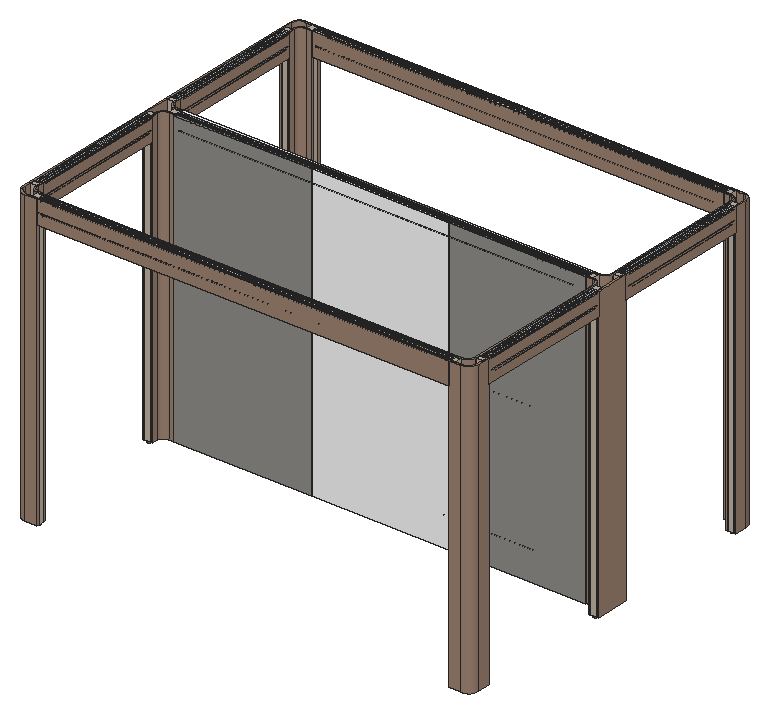
Revit family "T100219", category Furniture, Revit 2018 (continued)
Definition of nested family "OFS OBEYA FULL WALL RAIL KITS"
  Automatic sketch dimensions
    Extrusion 1 sketch curve to Extrusion 1 sketch curve = 0' - 0.75615"
    Extrusion 1 sketch curve to Extrusion 1 sketch curve = 0' - 0.13701"
    Extrusion 1 sketch curve to Extrusion 1 sketch curve = 0' - 0.2268"
    Extrusion 1 sketch curve to Extrusion 1 sketch curve = 0' - 0.68282"  (x2)
    Extrusion 2 sketch curve to Extrusion 2 sketch curve = 0' - 0"  (x42)
    Extrusion 2 sketch curve to plane 9 = 0' - 0"  (x4)
    Extrusion 2 sketch curve to plane 14 = 0' - 0"  (x2)
    Extrusion 2 sketch curve to plane 8 = 0' - 0"  (x2)
    Extrusion 2 sketch curve to plane 7 = 0' - 0"  (x4)
    Extrusion 2 sketch curve to plane 10 = 0' - 0"  (x2)
    Extrusion 2 sketch curve to plane 1 "Center Front/Back" = 0' - 0"  (x4)
    Extrusion 2 sketch curve to plane 13 = 0' - 0"  (x2)
    plane 14 to Extrusion 2 sketch curve = 0' - 0.09843"  (x6)
    Extrusion 2 sketch curve to Extrusion 2 sketch curve = 0' - 0.30315"  (x4)
    Extrusion 2 sketch curve to Extrusion 2 sketch curve = 0' - 0.09843"  (x8)
    Extrusion 2 sketch curve to Extrusion 2 sketch curve = 0' - 0.10187"  (x4)
    Extrusion 2 sketch curve to Extrusion 2 sketch curve = 0' - 0.10882"  (x3)
    Extrusion 2 sketch curve to Extrusion 2 sketch curve = 0' - 0.00386"  (x4)
    Extrusion 2 sketch curve to Extrusion 2 sketch curve = 0' - 0.173"  (x3)
    plane 1 "Center Front/Back" to Extrusion 2 sketch curve = 0' - 0.202"  (x2)
    plane 1 "Center Front/Back" to Extrusion 2 sketch curve = 0' - 0.13399"  (x4)
    plane 1 "Center Front/Back" to Extrusion 2 sketch curve = 0' - 0.06111"  (x4)
    Extrusion 2 sketch curve to plane 1 "Center Front/Back" = 0' - 0.06111"  (x4)
    Extrusion 2 sketch curve to plane 1 "Center Front/Back" = 0' - 0.13399"  (x4)
    Extrusion 2 sketch curve to plane 9 = 0' - 0.09221"  (x2)
    Extrusion 2 sketch curve to plane 1 "Center Front/Back" = 0' - 0.202"  (x4)
    Extrusion 2 sketch curve to plane 7 = 0' - 0.09221"  (x2)
    Extrusion 2 sketch curve to Extrusion 2 sketch curve = 0' - 0.20121"  (x2)
    Extrusion 2 sketch curve to Extrusion 2 sketch curve = 0' - 0.21201"  (x2)
    plane 13 to Extrusion 2 sketch curve = 0' - 0.09843"  (x6)
    Extrusion 2 sketch curve to Extrusion 2 sketch curve = 0' - 0.10465"  (x4)
    Extrusion 2 sketch curve to Extrusion 2 sketch curve = 0' - 0.47299"  (x3)
    Extrusion 2 sketch curve to Extrusion 2 sketch curve = 0' - 0.06149"  (x2)
    Extrusion 2 sketch curve to Extrusion 2 sketch curve = 0' - 0.1378"  (x8)
    Extrusion 2 sketch curve to Extrusion 2 sketch curve = 0' - 0.11184"  (x4)
    Extrusion 2 sketch curve to plane 9 = 0' - 0.91283"
    Extrusion 2 sketch curve to Extrusion 2 sketch curve = 0' - 0.12251"  (x2)
    Extrusion 2 sketch curve to Extrusion 2 sketch curve = 0' - 0.1285"  (x4)
    Extrusion 2 sketch curve to plane 9 = 0' - 0.09843"  (x2)
    plane 8 to Extrusion 2 sketch curve = 0' - 0.10465"
    Extrusion 2 sketch curve to plane 7 = 0' - 0.91283"
    Extrusion 2 sketch curve to plane 7 = 0' - 0.09843"  (x2)
    Extrusion 3 sketch curve to plane 11 = 0' - 0"
    plane 12 to Extrusion 3 sketch curve = 0' - 0"
    plane 11 to Extrusion 3 sketch curve = 0' - 0 1/2"  (x2)
    plane 12 to Extrusion 3 sketch curve = 0' - 0 1/2"  (x2)
    Extrusion 3 sketch curve to plane 5 = 0' - 4.98113"
    Extrusion 3 sketch curve to Extrusion 3 sketch curve = 0' - 1.73408"
    plane 15 to Extrusion 4 sketch curve = 0' - 0"
    plane 16 to Extrusion 4 sketch curve = 0' - 0"
    Extrusion 4 sketch curve to plane 15 = 0' - 0 1/8"
    Extrusion 4 sketch curve to Extrusion 4 sketch curve = 0' - 0 1/8"
    plane 16 to Extrusion 4 sketch curve = 0' - 0 1/8"  (x2)
    Extrusion 4 sketch curve to plane 5 = 0' - 2.45518"
    Extrusion 4 sketch curve to plane 5 = 0' - 0.45341"
    Extrusion 5 sketch curve to plane 17 = 0' - 0"
    Extrusion 5 sketch curve to plane 18 = 0' - 0"
    plane 17 to Extrusion 5 sketch curve = 0' - 0 1/8"  (x2)
    Extrusion 5 sketch curve to plane 18 = 0' - 0 1/8"
    Extrusion 5 sketch curve to Extrusion 5 sketch curve = 0' - 0 1/8"
    plane 5 to Extrusion 5 sketch curve = 0' - 2.45518"
    plane 5 to Extrusion 5 sketch curve = 0' - 0.45341"
    Extrusion 6 sketch curve to plane 14 = 0' - 0"  (x6)
    Extrusion 6 sketch curve to plane 1 "Center Front/Back" = 0' - 0"  (x8)
    Extrusion 6 sketch curve to plane 13 = 0' - 0"  (x2)
    plane 14 to Extrusion 6 sketch curve = 0' - 0 1/8"  (x3)
    Extrusion 6 sketch curve to Extrusion 6 sketch curve = 0' - 0 1/8"  (x2)
    plane 1 "Center Front/Back" to Extrusion 6 sketch curve = 0' - 0.08027"  (x3)
    Extrusion 6 sketch curve to Extrusion 6 sketch curve = 0' - 0.08027"
    plane 13 to Extrusion 6 sketch curve = 0' - 0 1/8"  (x3)
    Extrusion 6 sketch curve to plane 10 = 0' - 1 1/4"
    Extrusion 6 sketch curve to Extrusion 6 sketch curve = 0' - 0.19581"  (x2)
    Extrusion 6 sketch curve to plane 10 = 0' - 0 9/16"
    Extrusion 6 sketch curve to Extrusion 6 sketch curve = 0' - 0.36669"  (x4)
    Extrusion 6 sketch curve to Extrusion 6 sketch curve = 0' - 0.16892"  (x4)
    Extrusion 6 sketch curve to Extrusion 6 sketch curve = 0' - 0.06338"  (x4)
    plane 10 to Extrusion 6 sketch curve = 0' - 0.63913"
    Extrusion 6 sketch curve to plane 9 = 0' - 0.65252"
    plane 9 to Extrusion 6 sketch curve = 0' - 0.13331"
    plane 9 to Extrusion 6 sketch curve = 0' - 0 1/2"
    Extrusion 6 sketch curve to Extrusion 6 sketch curve = 0' - 0.39269"  (x2)
    Extrusion 6 sketch curve to plane 8 = 0' - 1 1/4"
    Extrusion 6 sketch curve to plane 8 = 0' - 0 9/16"
    plane 8 to Extrusion 6 sketch curve = 0' - 0.63913"
    Extrusion 6 sketch curve to plane 7 = 0' - 0.65252"
    plane 7 to Extrusion 6 sketch curve = 0' - 0.13331"
    plane 7 to Extrusion 6 sketch curve = 0' - 0 1/2"
    Extrusion 7 sketch curve to plane 14 = 0' - 0"  (x6)
    Extrusion 7 sketch curve to plane 1 "Center Front/Back" = 0' - 0"  (x8)
    Extrusion 7 sketch curve to plane 13 = 0' - 0"  (x2)
    plane 14 to Extrusion 7 sketch curve = 0' - 0 1/8"  (x3)
    Extrusion 7 sketch curve to Extrusion 7 sketch curve = 0' - 0 1/8"  (x2)
    plane 1 "Center Front/Back" to Extrusion 7 sketch curve = 0' - 0.08027"  (x3)
    Extrusion 7 sketch curve to Extrusion 7 sketch curve = 0' - 0.08027"
    plane 13 to Extrusion 7 sketch curve = 0' - 0 1/8"  (x3)
    plane 7 to Extrusion 7 sketch curve = 0' - 1 1/4"
    plane 7 to Extrusion 7 sketch curve = 0' - 0.73231"
    Extrusion 7 sketch curve to Extrusion 7 sketch curve = 0' - 0.06338"  (x4)
    Extrusion 7 sketch curve to Extrusion 7 sketch curve = 0' - 0.23231"  (x4)
    plane 7 to Extrusion 7 sketch curve = 0' - 0 1/2"
    plane 7 to Extrusion 7 sketch curve = 0' - 0.13331"
    Extrusion 7 sketch curve to plane 7 = 0' - 0.65252"
    plane 8 to Extrusion 7 sketch curve = 0' - 0.63913"
    Extrusion 7 sketch curve to plane 8 = 0' - 0.33019"
    Extrusion 7 sketch curve to plane 8 = 0' - 0 9/16"
    Extrusion 7 sketch curve to Extrusion 7 sketch curve = 0' - 0.36669"  (x2)
    Extrusion 7 sketch curve to Extrusion 7 sketch curve = 0' - 0.19581"  (x2)
    plane 9 to Extrusion 7 sketch curve = 0' - 1 1/4"
    plane 9 to Extrusion 7 sketch curve = 0' - 0.73231"
    plane 9 to Extrusion 7 sketch curve = 0' - 0 1/2"
    plane 9 to Extrusion 7 sketch curve = 0' - 0.13331"
    Extrusion 7 sketch curve to plane 9 = 0' - 0.65252"
    plane 10 to Extrusion 7 sketch curve = 0' - 0.63913"
    Extrusion 7 sketch curve to plane 10 = 0' - 0.33019"
    Extrusion 7 sketch curve to plane 10 = 0' - 0 9/16"
    plane 14 to Extrusion 8 sketch curve = 0' - 0.28787"
    Extrusion 8 sketch curve to plane 21 = 0' - 0 1/2"
    Extrusion 8 sketch curve to plane 1 "Center Front/Back" = 0' - 0.08713"  (x2)
    Extrusion 8 sketch curve to Extrusion 8 sketch curve = 0' - 0"
    plane 22 to Extrusion 8 sketch curve = 0' - 0 1/2"
    Extrusion 9 sketch curve to plane 23 = 0' - 0"
    Extrusion 9 sketch curve to plane 24 = 0' - 0"
    Extrusion 9 sketch curve to plane 14 = 0' - 0.28787"
    plane 23 to Extrusion 9 sketch curve = 0' - 0 1/2"
    plane 1 "Center Front/Back" to Extrusion 9 sketch curve = 0' - 0.08713"  (x2)
    Extrusion 9 sketch curve to Extrusion 9 sketch curve = 0' - 0"
    Extrusion 9 sketch curve to plane 24 = 0' - 0 1/2"
    Extrusion 10 sketch curve to plane 21 = 0' - 0"
    Extrusion 10 sketch curve to plane 22 = 0' - 0"
    plane 14 to Extrusion 10 sketch curve = 0' - 0.28787"
    Extrusion 10 sketch curve to plane 21 = 0' - 0 1/2"
    Extrusion 10 sketch curve to plane 1 "Center Front/Back" = 0' - 0.08713"  (x2)
    Extrusion 10 sketch curve to Extrusion 10 sketch curve = 0' - 0"
    plane 22 to Extrusion 10 sketch curve = 0' - 0 1/2"
    Extrusion 11 sketch curve to plane 23 = 0' - 0"
    Extrusion 11 sketch curve to plane 24 = 0' - 0"
    Extrusion 11 sketch curve to plane 14 = 0' - 0.28787"
    plane 23 to Extrusion 11 sketch curve = 0' - 0 1/2"
    plane 1 "Center Front/Back" to Extrusion 11 sketch curve = 0' - 0.08713"  (x2)
    Extrusion 11 sketch curve to Extrusion 11 sketch curve = 0' - 0"
    Extrusion 11 sketch curve to plane 24 = 0' - 0 1/2"
    radius of Extrusion 6 sketch curve = 0' - 0.12745"  (x4)
    radius of Extrusion 7 sketch curve = 0' - 0.12745"  (x4)
Definition of nested family "OFS OBEYA FULL AND SPLIT WALL PANELS"
  Parameters (values of type "FULL WALL CORK PANEL")
    Width = 3' - 6"
    URL = "https://ofs.com/products/space-defining/architectural-structures/obeya"
    Top Cutout [instance] = if(Beam Cutout Roof Center, 2' 0 1/2", if(Beam Cutout Roof Left, 0' 3 1/2", if(Beam Cutout Roof Right, 3' 9 1/2", 0' 1")))  # 0' - 1"
    Full Wall = yes
    Seating Cutout [instance] = if(Media Cutout Seating Center, 2' 0 1/2", if(Media Cutout Seating Left, 0' 3 1/2", if(Media Cutout Seating Right, 3' 9 1/2", 0' 1")))  # 0' - 1"
    Rad1 = 0' - 0 1/4"
    Power Outlet Frame Material = none
    Power Cutout 2 [instance] = if(Number of Power Cutouts = 1, 1' 8 1/2", if(Number of Power Cutouts = 2, 0' 3", 3' 8"))  # 3' - 8"
    Number of Power Cutouts [instance] = 0
    Power Cutout [instance] = if(Number of Power Cutouts = 1, 2' 0 1/2", if(Number of Power Cutouts = 2, 1' 9 1/2", 0' 1"))  # 0' - 1"
    Media Cutout Seating Right [instance] = no
    Media Cutout Seating Left [instance] = no
    Media Cutout Seating Center [instance] = no
    Media Cutout Bar Right [instance] = no
    Media Cutout Bar Left [instance] = no
    Media Cutout Bar Center [instance] = no
    Beam Cutout Roof Right [instance] = no
    Beam Cutout Roof Left [instance] = no
    Beam Cutout Roof Center [instance] = no
    Right Sitting Bracket [instance] = no
    Right Bar Bracket [instance] = no
    Offset from Floor = 0' - 0 1/2"
    Model = "OB-FWPC"
    Manufacturer = "OFS"
    Left Sitting Bracket [instance] = no
    Left Bar Bracket [instance] = no
    Height = 7' - 6"
    Finish Material = none
    Description = "OFS OBEYA FULL WALL CORK PANEL"
    Depth = 0' - 0 3/4"
    Copyright © = "©OFS 2019"
    Catalog = "https://ofs.com/products/space-defining/architectural-structures/obeya"
    Brackets Material = none
    Bar Cutout [instance] = if(Media Cutout Bar Center, 2' 0 1/2", if(Media Cutout Bar Left, 0' 3 1/2", if(Media Cutout Bar Right, 3' 9 1/2", 0' 1")))  # 0' - 1"
    Authoring Version = "Autodesk Revit Architecture 2015"
    Assembly Code = "E2020200"
    2 Power Outlets V [instance] = and(Full Wall, Number of Power Cutouts = 2)  # no
    1 Power Outlet V [instance] = and(Full Wall, Number of Power Cutouts = 1)  # no
  Types (9): name | Full Wall | Offset from Floor | Model | Height | Description
    (no name) | yes | 0' - 0 1/2" | "OB-FWPC" | 7' - 6" | "OFS OBEYA FULL WALL CORK PANEL"
    FULL WALL VENEER OR HPL PANEL | yes | 0' - 0 1/2" | "OB-FWPW" | 7' - 6" | "OFS OBEYA FULL WALL VENEER OR HPL PANEL"
    FULL WALL FABRIC PANEL | yes | 0' - 0 1/2" | "OB-FWPF" | 7' - 6" | "OFS OBEYA FULL WALL FABRIC PANEL"
    FULL WALL CORK PANEL | yes | 0' - 0 1/2" | "OB-FWPC" | 7' - 6" | "OFS OBEYA FULL WALL CORK PANEL"
    FULL WALL MARKERBOARD PANEL | yes | 0' - 0 1/2" | "OB-FWPMB" | 7' - 6" | "OFS OBEYA FULL WALL MARKERBOARD PANEL"
    SPLIT WALL FABRIC PANEL | no | 2' - 5" | "OB-SWPF" | 6' - 4" | "OFS OBEYA SPLIT WALL FABRIC PANEL"
    SPLIT WALL VENEER OR HPL PANEL | no | 2' - 5" | "OB-SWPW" | 6' - 4" | "OFS OBEYA SPLIT WALL VENEER OR HPL PANEL"
    SPLIT WALL CORK PANEL | no | 2' - 5" | "OB-SWPC" | 6' - 4" | "OFS OBEYA SPLIT WALL CORK PANEL"
    SPLIT WALL MARKERBOARD PANEL | no | 2' - 5" | "OB-SWPMB" | 6' - 4" | "OFS OBEYA SPLIT WALL MARKERBOARD PANEL"
  Reference planes (in)
    plane 1 "Center Front/Back": y = 0
    plane 2: z = 0
    plane 3 "Center Left/Right": x = 0
    plane 4: x = 21
    plane 5: z = 90
    plane 6: x = -21
    plane 7: y = 0.375
    plane 8: y = -0.375
    plane 9: z = 0.5
    plane 10: z = 83
    plane 11: z = 29
    plane 12: z = 57.5
    plane 13: z = 54.5
    plane 14: z = 45.5
    plane 15: z = 42.5
    plane 16: z = 20.00928
    plane 17: z = 14.99072
    plane 18: z = 85
    plane 19: z = 88
    plane 20: x = -26
    plane 21: x = -25
    plane 22: x = -22
    plane 23: x = -25
    plane 24: x = -22
    plane 25: x = -25
    plane 26: x = -22
    plane 27: x = -25
    plane 28: x = -22
    plane 29: x = 22
    plane 30: x = 25
  Forms (in)
    Extrusion 1, solid, material <- "Finish Material"
      sketch origin (0, 0, 0) x (1, 0, 0) y (0, 1, 0)
        loop
          line (-21, 0.375) -> (-21, -0.375) -> (21, -0.375) -> (21, 0.375) -> (-21, 0.375)
      from 0.5 to 90
    Extrusion 2, solid, material <- "Brackets Material", visible <- "Left Bar Bracket"
      sketch origin (-5.875, 0, 0) x (1, 0, 0) y (0, 0, 1)
        loop
          line (-5.125, 42.475) -> (-5.125, 39.0625)
          arc (-5.125, 39.0625) -> (-5.01517, 38.79733) -> (-4.75, 38.6875) r 0.375
          line (-4.75, 38.6875) -> (-3.5, 38.6875)
          arc (-3.5, 38.6875) -> (-3.23483, 38.79733) -> (-3.125, 39.0625) r 0.375
          line (-3.125, 39.0625) -> (-3.125, 42.475)
          arc (-3.125, 42.475) -> (-3.23483, 42.74017) -> (-3.5, 42.85) r 0.375
          line (-3.5, 42.85) -> (-4.75, 42.85)
          arc (-4.75, 42.85) -> (-5.01517, 42.74017) -> (-5.125, 42.475) r 0.375
      from 0.375 to 0.57185
    Extrusion 3, solid, material <- "Brackets Material", visible <- "Left Sitting Bracket"
      sketch origin (-5.86664, 0.75, 0) x (1, 0, 0) y (0, 1, 0)
        loop
          line (-3.13336, -1.32185) -> (-5.13336, -1.32185) -> (-5.13336, -7.03937)
          arc (-5.13336, -7.03937) -> (-5.02352, -7.30454) -> (-4.75836, -7.41437) r 0.375
          line (-4.75836, -7.41437) -> (-3.50836, -7.41437)
          arc (-3.50836, -7.41437) -> (-3.24319, -7.30454) -> (-3.13336, -7.03937) r 0.375
          line (-3.13336, -7.03937) -> (-3.13336, -1.32185)
      from 27.65315 to 27.85
    Extrusion 4, solid, material <- "Brackets Material", visible <- "Right Bar Bracket"
      sketch origin (-7.125, 0, 0) x (-1, 0, 0) y (0, 0, -1)
        loop
          arc (-18.125, -42.475) -> (-18.01517, -42.74017) -> (-17.75, -42.85) r 0.375
          line (-17.75, -42.85) -> (-16.5, -42.85)
          arc (-16.5, -42.85) -> (-16.23483, -42.74017) -> (-16.125, -42.475) r 0.375
          line (-16.125, -42.475) -> (-16.125, -39.0625)
          arc (-16.125, -39.0625) -> (-16.23483, -38.79733) -> (-16.5, -38.6875) r 0.375
          line (-16.5, -38.6875) -> (-17.75, -38.6875)
          arc (-17.75, -38.6875) -> (-18.01517, -38.79733) -> (-18.125, -39.0625) r 0.375
          line (-18.125, -39.0625) -> (-18.125, -42.475)
      from 0.375 to 0.57185
    Extrusion 5, solid, material <- "Brackets Material", visible <- "Left Sitting Bracket"
      sketch origin (-5.875, 0, -13) x (1, 0, 0) y (0, 0, 1)
        loop
          line (-5.125, 42.475) -> (-5.125, 39.0625)
          arc (-5.125, 39.0625) -> (-5.01517, 38.79733) -> (-4.75, 38.6875) r 0.375
          line (-4.75, 38.6875) -> (-3.5, 38.6875)
          arc (-3.5, 38.6875) -> (-3.23483, 38.79733) -> (-3.125, 39.0625) r 0.375
          line (-3.125, 39.0625) -> (-3.125, 42.475)
          arc (-3.125, 42.475) -> (-3.23483, 42.74017) -> (-3.5, 42.85) r 0.375
          line (-3.5, 42.85) -> (-4.75, 42.85)
          arc (-4.75, 42.85) -> (-5.01517, 42.74017) -> (-5.125, 42.475) r 0.375
      from 0.375 to 0.57185
    Extrusion 6, solid, material <- "Brackets Material", visible <- "Left Bar Bracket"
      sketch origin (-5.86664, 0.75, 13.01718) x (1, 0, 0) y (0, 1, 0)
        loop
          line (-3.13336, -1.32185) -> (-5.13336, -1.32185) -> (-5.13336, -7.03937)
          arc (-5.13336, -7.03937) -> (-5.02352, -7.30454) -> (-4.75836, -7.41437) r 0.375
          line (-4.75836, -7.41437) -> (-3.50836, -7.41437)
          arc (-3.50836, -7.41437) -> (-3.24319, -7.30454) -> (-3.13336, -7.03937) r 0.375
          line (-3.13336, -7.03937) -> (-3.13336, -1.32185)
      from 27.65315 to 27.85
    Extrusion 7, solid, material <- "Brackets Material", visible <- "Right Sitting Bracket"
      sketch origin (-7.13336, 0.75, 0) x (-1, 0, 0) y (0, -1, 0)
        loop
          line (-16.13336, 1.32185) -> (-16.13336, 7.03937)
          arc (-16.13336, 7.03937) -> (-16.24319, 7.30454) -> (-16.50836, 7.41437) r 0.375
          line (-16.50836, 7.41437) -> (-17.75836, 7.41437)
          arc (-17.75836, 7.41437) -> (-18.02352, 7.30454) -> (-18.13336, 7.03937) r 0.375
          line (-18.13336, 7.03937) -> (-18.13336, 1.32185) -> (-16.13336, 1.32185)
      from 27.65315 to 27.85
    Extrusion 8, solid, material <- "Brackets Material", visible <- "Right Bar Bracket"
      sketch origin (-7.13336, 0.75, 13.01718) x (-1, 0, 0) y (0, -1, 0)
        loop
          line (-16.13336, 1.32185) -> (-16.13336, 7.03937)
          arc (-16.13336, 7.03937) -> (-16.24319, 7.30454) -> (-16.50836, 7.41437) r 0.375
          line (-16.50836, 7.41437) -> (-17.75836, 7.41437)
          arc (-17.75836, 7.41437) -> (-18.02352, 7.30454) -> (-18.13336, 7.03937) r 0.375
          line (-18.13336, 7.03937) -> (-18.13336, 1.32185) -> (-16.13336, 1.32185)
      from 27.65315 to 27.85
    Extrusion 9, solid, material <- "Brackets Material", visible <- "Right Sitting Bracket"
      sketch origin (-7.125, 0, -13) x (-1, 0, 0) y (0, 0, -1)
        loop
          arc (-18.125, -42.475) -> (-18.01517, -42.74017) -> (-17.75, -42.85) r 0.375
          line (-17.75, -42.85) -> (-16.5, -42.85)
          arc (-16.5, -42.85) -> (-16.23483, -42.74017) -> (-16.125, -42.475) r 0.375
          line (-16.125, -42.475) -> (-16.125, -39.0625)
          arc (-16.125, -39.0625) -> (-16.23483, -38.79733) -> (-16.5, -38.6875) r 0.375
          line (-16.5, -38.6875) -> (-17.75, -38.6875)
          arc (-17.75, -38.6875) -> (-18.01517, -38.79733) -> (-18.125, -39.0625) r 0.375
          line (-18.125, -39.0625) -> (-18.125, -42.475)
      from 0.375 to 0.57185
    Extrusion 10, void
      sketch origin (0, 0, 0) x (1, 0, 0) y (0, 0, 1)
        loop
          line (-25, 88) -> (-25, 85) -> (-22, 85) -> (-22, 88) -> (-25, 88)
      from -0.375 to 0.375
    Extrusion 11, void
      sketch origin (0, 0, -30.5) x (1, 0, 0) y (0, 0, 1)
        loop
          line (-25, 88) -> (-25, 85) -> (-22, 85) -> (-22, 88) -> (-25, 88)
      from -0.375 to 0.375
    Extrusion 12, void
      sketch origin (-21, 0, -42.5) x (1, 0, 0) y (0, 0, 1)
        loop
          line (-4, 88) -> (-4, 85) -> (-1, 85) -> (-1, 88) -> (-4, 88)
      from -0.375 to 0.375
    Extrusion 13, void
      sketch origin (0, 0, 0) x (1, 0, 0) y (0, 0, 1)
        loop
          arc (-24.75, 20.00928) -> (-24.92678, 19.93606) -> (-25, 19.75928) r 0.25
          line (-25, 19.75928) -> (-25, 15.24072)
          arc (-25, 15.24072) -> (-24.92678, 15.06394) -> (-24.75, 14.99072) r 0.25
          line (-24.75, 14.99072) -> (-22.25, 14.99072)
          arc (-22.25, 14.99072) -> (-22.07322, 15.06394) -> (-22, 15.24072) r 0.25
          line (-22, 15.24072) -> (-22, 19.75928)
          arc (-22, 19.75928) -> (-22.07322, 19.93606) -> (-22.25, 20.00928) r 0.25
          line (-22.25, 20.00928) -> (-24.75, 20.00928)
      from -1 to 1
    Sweep 14, solid, material <- "Power Outlet Frame Material", visible <- "2 Power Outlets V"
      path origin (26, -0.375, 0) x (-1, 0, 0) y (0, 0, -1)
        loop
          arc (27.5, -19.75928) -> (27.57322, -19.93606) -> (27.75, -20.00928) r 0.25
          line (27.75, -20.00928) -> (30.25, -20.00928)
          arc (30.25, -20.00928) -> (30.42678, -19.93606) -> (30.5, -19.75928) r 0.25
          line (30.5, -19.75928) -> (30.5, -15.24072)
          arc (30.5, -15.24072) -> (30.42678, -15.06394) -> (30.25, -14.99072) r 0.25
          line (30.25, -14.99072) -> (27.75, -14.99072)
          arc (27.75, -14.99072) -> (27.57322, -15.06394) -> (27.5, -15.24072) r 0.25
          line (27.5, -15.24072) -> (27.5, -19.75928)
      profile origin (-1.5, -0.375, 17.5) x (0, -1, 0) y (1, 0, 0)
        loop
          line (0.1378, 0) -> (0.1378, 0.58036)
          arc (0.1378, 0.58036) -> (0.09744, 0.6778) -> (0, 0.71816) r 0.1378
          line (0, 0.71816) -> (0, 0.0243) -> (0.1378, 0)
    Sweep 15, solid, material <- "Power Outlet Frame Material", visible <- "2 Power Outlets V"
      path origin (32, -0.375, 0) x (-1, 0, 0) y (0, 0, -1)
        loop
          arc (27.5, -19.75928) -> (27.57322, -19.93606) -> (27.75, -20.00928) r 0.25
          line (27.75, -20.00928) -> (30.25, -20.00928)
          arc (30.25, -20.00928) -> (30.42678, -19.93606) -> (30.5, -19.75928) r 0.25
          line (30.5, -19.75928) -> (30.5, -15.24072)
          arc (30.5, -15.24072) -> (30.42678, -15.06394) -> (30.25, -14.99072) r 0.25
          line (30.25, -14.99072) -> (27.75, -14.99072)
          arc (27.75, -14.99072) -> (27.57322, -15.06394) -> (27.5, -15.24072) r 0.25
          line (27.5, -15.24072) -> (27.5, -19.75928)
      profile origin (4.5, -0.375, 17.5) x (0, -1, 0) y (1, 0, 0)
        loop
          line (0.1378, 0) -> (0.1378, 0.58036)
          arc (0.1378, 0.58036) -> (0.09744, 0.6778) -> (0, 0.71816) r 0.1378
          line (0, 0.71816) -> (0, 0.0243) -> (0.1378, 0)
    Extrusion 16, solid, material <- "Brackets Material", visible <- "Left Bar Bracket", not visible
      sketch origin (-5.875, 0, 0) x (1, 0, 0) y (0, 0, 1)
        loop
          line (-5.125, 42.475) -> (-5.125, 39.0625)
          arc (-5.125, 39.0625) -> (-5.01517, 38.79733) -> (-4.75, 38.6875) r 0.375
          line (-4.75, 38.6875) -> (-3.5, 38.6875)
          arc (-3.5, 38.6875) -> (-3.23483, 38.79733) -> (-3.125, 39.0625) r 0.375
          line (-3.125, 39.0625) -> (-3.125, 42.475)
          arc (-3.125, 42.475) -> (-3.23483, 42.74017) -> (-3.5, 42.85) r 0.375
          line (-3.5, 42.85) -> (-4.75, 42.85)
          arc (-4.75, 42.85) -> (-5.01517, 42.74017) -> (-5.125, 42.475) r 0.375
      from 0.375 to 0.57185
    Extrusion 17, solid, material <- "Brackets Material", visible <- "Left Sitting Bracket", not visible
      sketch origin (-5.86664, 0.75, 0) x (1, 0, 0) y (0, 1, 0)
        loop
          line (-3.13336, -1.32185) -> (-5.13336, -1.32185) -> (-5.13336, -7.03937)
          arc (-5.13336, -7.03937) -> (-5.02352, -7.30454) -> (-4.75836, -7.41437) r 0.375
          line (-4.75836, -7.41437) -> (-3.50836, -7.41437)
          arc (-3.50836, -7.41437) -> (-3.24319, -7.30454) -> (-3.13336, -7.03937) r 0.375
          line (-3.13336, -7.03937) -> (-3.13336, -1.32185)
      from 27.65315 to 27.85
    Extrusion 18, solid, material <- "Brackets Material", visible <- "Right Bar Bracket", not visible
      sketch origin (-7.125, 0, 0) x (-1, 0, 0) y (0, 0, -1)
        loop
          arc (-18.125, -42.475) -> (-18.01517, -42.74017) -> (-17.75, -42.85) r 0.375
          line (-17.75, -42.85) -> (-16.5, -42.85)
          arc (-16.5, -42.85) -> (-16.23483, -42.74017) -> (-16.125, -42.475) r 0.375
          line (-16.125, -42.475) -> (-16.125, -39.0625)
          arc (-16.125, -39.0625) -> (-16.23483, -38.79733) -> (-16.5, -38.6875) r 0.375
          line (-16.5, -38.6875) -> (-17.75, -38.6875)
          arc (-17.75, -38.6875) -> (-18.01517, -38.79733) -> (-18.125, -39.0625) r 0.375
          line (-18.125, -39.0625) -> (-18.125, -42.475)
      from 0.375 to 0.57185
    Extrusion 19, solid, material <- "Brackets Material", visible <- "Left Sitting Bracket", not visible
      sketch origin (-5.875, 0, -13) x (1, 0, 0) y (0, 0, 1)
        loop
          line (-5.125, 42.475) -> (-5.125, 39.0625)
          arc (-5.125, 39.0625) -> (-5.01517, 38.79733) -> (-4.75, 38.6875) r 0.375
          line (-4.75, 38.6875) -> (-3.5, 38.6875)
          arc (-3.5, 38.6875) -> (-3.23483, 38.79733) -> (-3.125, 39.0625) r 0.375
          line (-3.125, 39.0625) -> (-3.125, 42.475)
          arc (-3.125, 42.475) -> (-3.23483, 42.74017) -> (-3.5, 42.85) r 0.375
          line (-3.5, 42.85) -> (-4.75, 42.85)
          arc (-4.75, 42.85) -> (-5.01517, 42.74017) -> (-5.125, 42.475) r 0.375
      from 0.375 to 0.57185
    Extrusion 20, solid, material <- "Brackets Material", visible <- "Left Bar Bracket", not visible
      sketch origin (-5.86664, 0.75, 13.01718) x (1, 0, 0) y (0, 1, 0)
        loop
          line (-3.13336, -1.32185) -> (-5.13336, -1.32185) -> (-5.13336, -7.03937)
          arc (-5.13336, -7.03937) -> (-5.02352, -7.30454) -> (-4.75836, -7.41437) r 0.375
          line (-4.75836, -7.41437) -> (-3.50836, -7.41437)
          arc (-3.50836, -7.41437) -> (-3.24319, -7.30454) -> (-3.13336, -7.03937) r 0.375
          line (-3.13336, -7.03937) -> (-3.13336, -1.32185)
      from 27.65315 to 27.85
    Extrusion 21, solid, material <- "Brackets Material", visible <- "Right Sitting Bracket", not visible
      sketch origin (-7.13336, 0.75, 0) x (-1, 0, 0) y (0, -1, 0)
        loop
          line (-16.13336, 1.32185) -> (-16.13336, 7.03937)
          arc (-16.13336, 7.03937) -> (-16.24319, 7.30454) -> (-16.50836, 7.41437) r 0.375
          line (-16.50836, 7.41437) -> (-17.75836, 7.41437)
          arc (-17.75836, 7.41437) -> (-18.02352, 7.30454) -> (-18.13336, 7.03937) r 0.375
          line (-18.13336, 7.03937) -> (-18.13336, 1.32185) -> (-16.13336, 1.32185)
      from 27.65315 to 27.85
    Extrusion 22, solid, material <- "Brackets Material", visible <- "Right Bar Bracket", not visible
      sketch origin (-7.13336, 0.75, 13.01718) x (-1, 0, 0) y (0, -1, 0)
        loop
          line (-16.13336, 1.32185) -> (-16.13336, 7.03937)
          arc (-16.13336, 7.03937) -> (-16.24319, 7.30454) -> (-16.50836, 7.41437) r 0.375
          line (-16.50836, 7.41437) -> (-17.75836, 7.41437)
          arc (-17.75836, 7.41437) -> (-18.02352, 7.30454) -> (-18.13336, 7.03937) r 0.375
          line (-18.13336, 7.03937) -> (-18.13336, 1.32185) -> (-16.13336, 1.32185)
      from 27.65315 to 27.85
    Extrusion 23, solid, material <- "Brackets Material", visible <- "Right Sitting Bracket", not visible
      sketch origin (-7.125, 0, -13) x (-1, 0, 0) y (0, 0, -1)
        loop
          arc (-18.125, -42.475) -> (-18.01517, -42.74017) -> (-17.75, -42.85) r 0.375
          line (-17.75, -42.85) -> (-16.5, -42.85)
          arc (-16.5, -42.85) -> (-16.23483, -42.74017) -> (-16.125, -42.475) r 0.375
          line (-16.125, -42.475) -> (-16.125, -39.0625)
          arc (-16.125, -39.0625) -> (-16.23483, -38.79733) -> (-16.5, -38.6875) r 0.375
          line (-16.5, -38.6875) -> (-17.75, -38.6875)
          arc (-17.75, -38.6875) -> (-18.01517, -38.79733) -> (-18.125, -39.0625) r 0.375
          line (-18.125, -39.0625) -> (-18.125, -42.475)
      from 0.375 to 0.57185
    Sweep 24, solid, material <- "Power Outlet Frame Material", visible <- "1 Power Outlet V"
      path origin (29, -0.375, 0) x (-1, 0, 0) y (0, 0, -1)
        loop
          arc (27.5, -19.75928) -> (27.57322, -19.93606) -> (27.75, -20.00928) r 0.25
          line (27.75, -20.00928) -> (30.25, -20.00928)
          arc (30.25, -20.00928) -> (30.42678, -19.93606) -> (30.5, -19.75928) r 0.25
          line (30.5, -19.75928) -> (30.5, -15.24072)
          arc (30.5, -15.24072) -> (30.42678, -15.06394) -> (30.25, -14.99072) r 0.25
          line (30.25, -14.99072) -> (27.75, -14.99072)
          arc (27.75, -14.99072) -> (27.57322, -15.06394) -> (27.5, -15.24072) r 0.25
          line (27.5, -15.24072) -> (27.5, -19.75928)
      profile origin (1.5, -0.375, 17.5) x (0, -1, 0) y (1, 0, 0)
        loop
          line (0.1378, 0) -> (0.1378, 0.58036)
          arc (0.1378, 0.58036) -> (0.09744, 0.6778) -> (0, 0.71816) r 0.1378
          line (0, 0.71816) -> (0, 0.0243) -> (0.1378, 0)
    Sweep 25, solid, material <- "Power Outlet Frame Material", visible <- "2 Power Outlets V", not visible
      path origin (26, -0.375, 0) x (-1, 0, 0) y (0, 0, -1)
        loop
          arc (27.5, -19.75928) -> (27.57322, -19.93606) -> (27.75, -20.00928) r 0.25
          line (27.75, -20.00928) -> (30.25, -20.00928)
          arc (30.25, -20.00928) -> (30.42678, -19.93606) -> (30.5, -19.75928) r 0.25
          line (30.5, -19.75928) -> (30.5, -15.24072)
          arc (30.5, -15.24072) -> (30.42678, -15.06394) -> (30.25, -14.99072) r 0.25
          line (30.25, -14.99072) -> (27.75, -14.99072)
          arc (27.75, -14.99072) -> (27.57322, -15.06394) -> (27.5, -15.24072) r 0.25
          line (27.5, -15.24072) -> (27.5, -19.75928)
      profile origin (-1.5, -0.375, 17.5) x (0, -1, 0) y (1, 0, 0)
        loop
          line (0.1378, 0) -> (0.1378, 0.58036)
          arc (0.1378, 0.58036) -> (0.09744, 0.6778) -> (0, 0.71816) r 0.1378
          line (0, 0.71816) -> (0, 0.0243) -> (0.1378, 0)
    Sweep 26, solid, material <- "Power Outlet Frame Material", visible <- "2 Power Outlets V", not visible
      path origin (32, -0.375, 0) x (-1, 0, 0) y (0, 0, -1)
        loop
          arc (27.5, -19.75928) -> (27.57322, -19.93606) -> (27.75, -20.00928) r 0.25
          line (27.75, -20.00928) -> (30.25, -20.00928)
          arc (30.25, -20.00928) -> (30.42678, -19.93606) -> (30.5, -19.75928) r 0.25
          line (30.5, -19.75928) -> (30.5, -15.24072)
          arc (30.5, -15.24072) -> (30.42678, -15.06394) -> (30.25, -14.99072) r 0.25
          line (30.25, -14.99072) -> (27.75, -14.99072)
          arc (27.75, -14.99072) -> (27.57322, -15.06394) -> (27.5, -15.24072) r 0.25
          line (27.5, -15.24072) -> (27.5, -19.75928)
      profile origin (4.5, -0.375, 17.5) x (0, -1, 0) y (1, 0, 0)
        loop
          line (0.1378, 0) -> (0.1378, 0.58036)
          arc (0.1378, 0.58036) -> (0.09744, 0.6778) -> (0, 0.71816) r 0.1378
          line (0, 0.71816) -> (0, 0.0243) -> (0.1378, 0)
    Sweep 27, solid, material <- "Power Outlet Frame Material", visible <- "1 Power Outlet V", not visible
      path origin (29, -0.375, 0) x (-1, 0, 0) y (0, 0, -1)
        loop
          arc (27.5, -19.75928) -> (27.57322, -19.93606) -> (27.75, -20.00928) r 0.25
          line (27.75, -20.00928) -> (30.25, -20.00928)
          arc (30.25, -20.00928) -> (30.42678, -19.93606) -> (30.5, -19.75928) r 0.25
          line (30.5, -19.75928) -> (30.5, -15.24072)
          arc (30.5, -15.24072) -> (30.42678, -15.06394) -> (30.25, -14.99072) r 0.25
          line (30.25, -14.99072) -> (27.75, -14.99072)
          arc (27.75, -14.99072) -> (27.57322, -15.06394) -> (27.5, -15.24072) r 0.25
          line (27.5, -15.24072) -> (27.5, -19.75928)
      profile origin (1.5, -0.375, 17.5) x (0, -1, 0) y (1, 0, 0)
        loop
          line (0.1378, 0) -> (0.1378, 0.58036)
          arc (0.1378, 0.58036) -> (0.09744, 0.6778) -> (0, 0.71816) r 0.1378
          line (0, 0.71816) -> (0, 0.0243) -> (0.1378, 0)
    Extrusion 28, void
      sketch origin (38, 0, 0) x (1, 0, 0) y (0, 0, 1)
        loop
          arc (-15.75, 20.00928) -> (-15.92678, 19.93606) -> (-16, 19.75928) r 0.25
          line (-16, 19.75928) -> (-16, 15.24072)
          arc (-16, 15.24072) -> (-15.92678, 15.06394) -> (-15.75, 14.99072) r 0.25
          line (-15.75, 14.99072) -> (-13.25, 14.99072)
          arc (-13.25, 14.99072) -> (-13.07322, 15.06394) -> (-13, 15.24072) r 0.25
          line (-13, 15.24072) -> (-13, 19.75928)
          arc (-13, 19.75928) -> (-13.07322, 19.93606) -> (-13.25, 20.00928) r 0.25
          line (-13.25, 20.00928) -> (-15.75, 20.00928)
      from -1 to 1
  Cuts and joins
    Extrusion 10, Extrusion 11, Extrusion 12, Extrusion 13, Extrusion 28 cuts Extrusion 1
  Dimensions and locks (in)
    "Height": plane 5 to level
    equal spacing: plane 6, plane 3 "Center Left/Right", plane 4
    "Width": plane 6 to plane 4
    "Depth": plane 8 to plane 7
    equal spacing: plane 7, plane 1 "Center Front/Back", plane 8
    "Offset from Floor": plane 9 to plane 2
    locked: plane 14 to plane 15 at 3
    locked: plane 12 to plane 13 at 3
    locked: plane 13 to plane 14 at 9
    locked: plane 15 to level at 42.5
    plane 16 to plane 17 = 0' - 5.01856"
    plane 17 to level = 1' - 2.99072"
    plane 5 to plane 19 to plane 18 to plane 10 = 0' - 2" locked, 0' - 3" locked, 0' - 2" locked
    "Top Cutout": plane 21 to plane 20
    locked: plane 22 to plane 21 at 3
    locked: plane 24 to plane 23 at 3
    "Bar Cutout": plane 23 to plane 20
    locked: plane 26 to plane 25 at 3
    "Seating Cutout": plane 25 to plane 20
    locked: plane 28 to plane 27 at 3
    "Power Cutout": plane 27 to plane 20
    locked: plane 30 to plane 29 at 3
    "Power Cutout 2": plane 29 to plane 28
    plane 12 to plane 13 to plane 14 to plane 15 to plane 11 to plane 16 to plane 17 to level = 0' - 3", 0' - 9", 0' - 3", 1' - 1 1/2", 0' - 8.99072", 0' - 5.01856", 1' - 2.99072"
    "Rad1": radius of Extrusion 13 sketch curve  (x4)
    aligned and locked: level to plane 2
    aligned and locked: plane 7 to Extrusion 1 sketch curve
    aligned and locked: Extrusion 1 sketch curve to plane 6
    aligned and locked: plane 8 to Extrusion 1 sketch curve
    aligned and locked: Extrusion 1 sketch curve to plane 4
    aligned and locked: plane 5 to Extrusion 1
    aligned and locked: Extrusion 1 to plane 9
    aligned and locked: Extrusion 10 sketch curve to plane 19
    aligned and locked: plane 21 to Extrusion 10 sketch curve
    aligned and locked: plane 18 to Extrusion 10 sketch curve
    aligned and locked: Extrusion 10 sketch curve to plane 22
    aligned and locked: Extrusion 11 to plane 12
    aligned and locked: plane 13 to Extrusion 11
    aligned and locked: plane 24 to Extrusion 11
    aligned and locked: Extrusion 11 to plane 23
    aligned and locked: plane 26 to Extrusion 12
    aligned and locked: Extrusion 12 to plane 25
    aligned and locked: Extrusion 13 sketch curve to plane 16
    aligned and locked: plane 17 to Extrusion 13 sketch curve
    aligned and locked: plane 28 to Extrusion 13
    aligned and locked: Extrusion 13 to plane 27
    aligned and locked: plane 30 to Extrusion 28
    aligned and locked: Extrusion 28 to plane 29
    aligned and locked: plane 16 to Extrusion 28
    aligned and locked: Extrusion 28 to plane 17
  Automatic sketch dimensions
    Extrusion 2 sketch curve to Extrusion 2 sketch curve = 0' - 0 3/8"  (x3)
    Extrusion 2 sketch curve to Extrusion 2 sketch curve = 0' - 1 1/4"  (x2)
    Extrusion 2 sketch curve to Extrusion 2 sketch curve = 0' - 3.4125"
    Extrusion 3 sketch curve to Extrusion 3 sketch curve = 0' - 0 3/8"
    Extrusion 3 sketch curve to Extrusion 3 sketch curve = 0' - 1 1/4"
    Extrusion 3 sketch curve to Extrusion 3 sketch curve = 0' - 2"
    Extrusion 3 sketch curve to Extrusion 3 sketch curve = 0' - 5.71752"
    Extrusion 4 sketch curve to Extrusion 4 sketch curve = 0' - 0 3/8"  (x3)
    Extrusion 4 sketch curve to Extrusion 4 sketch curve = 0' - 1 1/4"  (x2)
    Extrusion 4 sketch curve to Extrusion 4 sketch curve = 0' - 3.4125"
    Extrusion 5 sketch curve to Extrusion 5 sketch curve = 0' - 0 3/8"  (x3)
    Extrusion 5 sketch curve to Extrusion 5 sketch curve = 0' - 1 1/4"  (x2)
    Extrusion 6 sketch curve to Extrusion 6 sketch curve = 0' - 0 3/8"
    Extrusion 6 sketch curve to Extrusion 6 sketch curve = 0' - 1 1/4"
    Extrusion 6 sketch curve to Extrusion 6 sketch curve = 0' - 2"
    Extrusion 6 sketch curve to Extrusion 6 sketch curve = 0' - 5.71752"
    Extrusion 7 sketch curve to Extrusion 7 sketch curve = 0' - 0 3/8"
    Extrusion 7 sketch curve to Extrusion 7 sketch curve = 0' - 1 1/4"
    Extrusion 7 sketch curve to Extrusion 7 sketch curve = 0' - 2"
    Extrusion 7 sketch curve to Extrusion 7 sketch curve = 0' - 5.71752"
    Extrusion 8 sketch curve to Extrusion 8 sketch curve = 0' - 0 3/8"
    Extrusion 8 sketch curve to Extrusion 8 sketch curve = 0' - 1 1/4"
    Extrusion 8 sketch curve to Extrusion 8 sketch curve = 0' - 2"
    Extrusion 8 sketch curve to Extrusion 8 sketch curve = 0' - 5.71752"
    Extrusion 9 sketch curve to Extrusion 9 sketch curve = 0' - 0 3/8"  (x3)
    Extrusion 9 sketch curve to Extrusion 9 sketch curve = 0' - 1 1/4"  (x2)
    Extrusion 5 sketch curve to Extrusion 5 sketch curve = 0' - 3.4125"
    Extrusion 9 sketch curve to Extrusion 9 sketch curve = 0' - 3.4125"
    Extrusion 16 sketch curve to Extrusion 16 sketch curve = 0' - 0 3/8"  (x3)
    Extrusion 16 sketch curve to Extrusion 16 sketch curve = 0' - 1 1/4"  (x2)
    Extrusion 16 sketch curve to Extrusion 16 sketch curve = 0' - 3.4125"
    Extrusion 17 sketch curve to Extrusion 17 sketch curve = 0' - 0 3/8"
    Extrusion 17 sketch curve to Extrusion 17 sketch curve = 0' - 1 1/4"
    Extrusion 17 sketch curve to Extrusion 17 sketch curve = 0' - 2"
    Extrusion 17 sketch curve to Extrusion 17 sketch curve = 0' - 5.71752"
    Extrusion 18 sketch curve to Extrusion 18 sketch curve = 0' - 0 3/8"  (x3)
    Extrusion 18 sketch curve to Extrusion 18 sketch curve = 0' - 1 1/4"  (x2)
    Extrusion 18 sketch curve to Extrusion 18 sketch curve = 0' - 3.4125"
    Extrusion 19 sketch curve to Extrusion 19 sketch curve = 0' - 0 3/8"  (x3)
    Extrusion 19 sketch curve to Extrusion 19 sketch curve = 0' - 1 1/4"  (x2)
    Extrusion 20 sketch curve to Extrusion 20 sketch curve = 0' - 0 3/8"
    Extrusion 20 sketch curve to Extrusion 20 sketch curve = 0' - 1 1/4"
    Extrusion 20 sketch curve to Extrusion 20 sketch curve = 0' - 2"
    Extrusion 20 sketch curve to Extrusion 20 sketch curve = 0' - 5.71752"
    Extrusion 21 sketch curve to Extrusion 21 sketch curve = 0' - 0 3/8"
    Extrusion 21 sketch curve to Extrusion 21 sketch curve = 0' - 1 1/4"
    Extrusion 21 sketch curve to Extrusion 21 sketch curve = 0' - 2"
    Extrusion 21 sketch curve to Extrusion 21 sketch curve = 0' - 5.71752"
    Extrusion 22 sketch curve to Extrusion 22 sketch curve = 0' - 0 3/8"
    Extrusion 22 sketch curve to Extrusion 22 sketch curve = 0' - 1 1/4"
    Extrusion 22 sketch curve to Extrusion 22 sketch curve = 0' - 2"
    Extrusion 22 sketch curve to Extrusion 22 sketch curve = 0' - 5.71752"
    Extrusion 23 sketch curve to Extrusion 23 sketch curve = 0' - 0 3/8"  (x3)
    Extrusion 23 sketch curve to Extrusion 23 sketch curve = 0' - 1 1/4"  (x2)
    Extrusion 19 sketch curve to Extrusion 19 sketch curve = 0' - 3.4125"
    Extrusion 23 sketch curve to Extrusion 23 sketch curve = 0' - 3.4125"
    Sweep 14 sketch curve to Sweep 14 sketch curve = 0' - 0 1/4"  (x3)
    Sweep 14 sketch curve to Sweep 14 sketch curve = 0' - 2 1/2"  (x2)
    Sweep 14 sketch curve to Sweep 14 sketch curve = 0' - 4.51856"
    profile plane to Sweep 14 sketch curve = 0' - 0"
    Sweep 14 sketch curve to profile plane = 0' - 0"
    profile plane to Sweep 14 sketch curve = 0' - 0.1378"
    Sweep 14 sketch curve to profile plane = 0' - 0.0243"
    Sweep 14 sketch curve to Sweep 14 sketch curve = 0' - 0.55607"
    Sweep 15 sketch curve to Sweep 15 sketch curve = 0' - 0 1/4"  (x3)
    Sweep 15 sketch curve to Sweep 15 sketch curve = 0' - 2 1/2"  (x2)
    Sweep 15 sketch curve to Sweep 15 sketch curve = 0' - 4.51856"
    profile plane to Sweep 15 sketch curve = 0' - 0"
    Sweep 15 sketch curve to profile plane = 0' - 0"
    profile plane to Sweep 15 sketch curve = 0' - 0.1378"
    Sweep 15 sketch curve to profile plane = 0' - 0.0243"
    Sweep 15 sketch curve to Sweep 15 sketch curve = 0' - 0.55607"
    Sweep 24 sketch curve to Sweep 24 sketch curve = 0' - 0 1/4"  (x3)
    Sweep 24 sketch curve to Sweep 24 sketch curve = 0' - 2 1/2"  (x2)
    Sweep 24 sketch curve to Sweep 24 sketch curve = 0' - 4.51856"
    profile plane to Sweep 24 sketch curve = 0' - 0"
    Sweep 24 sketch curve to profile plane = 0' - 0"
    profile plane to Sweep 24 sketch curve = 0' - 0.1378"
    Sweep 24 sketch curve to profile plane = 0' - 0.0243"
    Sweep 24 sketch curve to Sweep 24 sketch curve = 0' - 0.55607"
    Sweep 25 sketch curve to Sweep 25 sketch curve = 0' - 0 1/4"  (x3)
    Sweep 25 sketch curve to Sweep 25 sketch curve = 0' - 2 1/2"  (x2)
    Sweep 25 sketch curve to Sweep 25 sketch curve = 0' - 4.51856"
    profile plane to Sweep 25 sketch curve = 0' - 0"
    Sweep 25 sketch curve to profile plane = 0' - 0"
    profile plane to Sweep 25 sketch curve = 0' - 0.1378"
    Sweep 25 sketch curve to profile plane = 0' - 0.0243"
    Sweep 25 sketch curve to Sweep 25 sketch curve = 0' - 0.55607"
    Sweep 26 sketch curve to Sweep 26 sketch curve = 0' - 0 1/4"  (x3)
    Sweep 26 sketch curve to Sweep 26 sketch curve = 0' - 2 1/2"  (x2)
    Sweep 26 sketch curve to Sweep 26 sketch curve = 0' - 4.51856"
    profile plane to Sweep 26 sketch curve = 0' - 0"
    Sweep 26 sketch curve to profile plane = 0' - 0"
    profile plane to Sweep 26 sketch curve = 0' - 0.1378"
    Sweep 26 sketch curve to profile plane = 0' - 0.0243"
    Sweep 26 sketch curve to Sweep 26 sketch curve = 0' - 0.55607"
    Sweep 27 sketch curve to Sweep 27 sketch curve = 0' - 0 1/4"  (x3)
    Sweep 27 sketch curve to Sweep 27 sketch curve = 0' - 2 1/2"  (x2)
    Sweep 27 sketch curve to Sweep 27 sketch curve = 0' - 4.51856"
    profile plane to Sweep 27 sketch curve = 0' - 0"
    Sweep 27 sketch curve to profile plane = 0' - 0"
    profile plane to Sweep 27 sketch curve = 0' - 0.1378"
    Sweep 27 sketch curve to profile plane = 0' - 0.0243"
    Sweep 27 sketch curve to Sweep 27 sketch curve = 0' - 0.55607"
    Extrusion 11 sketch curve to plane 13 = 0' - 0"
    Extrusion 11 sketch curve to plane 21 = 0' - 0"
    Extrusion 11 sketch curve to plane 22 = 0' - 0"
    Extrusion 11 sketch curve to plane 12 = 0' - 0"
    Extrusion 12 sketch curve to plane 15 = 0' - 0"
    Extrusion 12 sketch curve to plane 21 = 0' - 0"
    Extrusion 12 sketch curve to plane 22 = 0' - 0"
    Extrusion 12 sketch curve to plane 14 = 0' - 0"
    Extrusion 28 sketch curve to plane 17 = 0' - 0"
    Extrusion 28 sketch curve to plane 16 = 0' - 0"
    plane 17 to Extrusion 28 sketch curve = 0' - 0 1/4"
    plane 4 to Extrusion 28 sketch curve = 0' - 1"
    Extrusion 28 sketch curve to plane 16 = 0' - 0 1/4"  (x2)
    Extrusion 28 sketch curve to Extrusion 28 sketch curve = 0' - 2 1/2"  (x2)
    Extrusion 13 sketch curve to plane 21 = 0' - 0"
    Extrusion 13 sketch curve to plane 22 = 0' - 0"
Types (4): name | Height | Length | Width
  (no name) | 1' - 5.99213" | 2' - 6" | 2' - 6"
  0610 x 0160mm | 2' - 6" | 2' - 0.01575" | 2' - 0.01575"
  0762 x 0762mm | 1' - 5.99213" | 2' - 6" | 2' - 6"
  0610 x 0915mm | 2' - 6" | 2' - 0.01575" | 3' - 0.02362"
